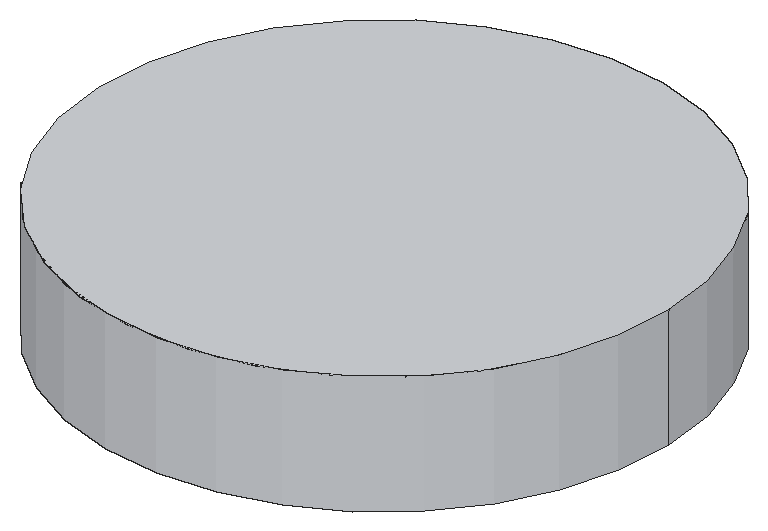
Revit family "WC Sustenta", category Aparatos sanitarios, Revit 2023
Family settings
  Cota de conector redondo = Usar diámetro
  Tipo de pieza = Normal
  Número OmniClass = 23.45.00.00
  Título OmniClass = Sanitary, Laundry, and Cleaning Equipment
  Se basa en plano de trabajo = No
  Activar corte en vistas = No
  Siempre vertical = Sí
  Corte con vacíos al cargar = No
  Mantener orientación de anotación = No
  Compartido = No
  Punto de cálculo de habitación = No
Parameters (values of type "WC Sustenta")
  Válvulas = "Válvula de admisión silenciosa.\r\nVálvulas calibradas.\r\nVálvula de descarga con sello hermético.\r\nVálvula de descarga de Ø 2\" tipo torre."
  URL = ""
  Rango de gasto = "2,5 LPD ± 10%"
  Operación = "Presione el botón un segundo para una descarga\r\necológica."
  Material = "Cerámica porcelanizada de alto brillo.\r\nCalidad \"A\"."
  Imagen de tipo = <Ninguno>
  Elevación por defecto = 0"
  Desalojo = "350 gr. mínimo."
  Cumplimiento = "NOM-002-CONAGUA-2021"
  Componentes Incluídos = "Kit de fijación al piso y cubre pijas.\r\nKit de sujeción y acoplamiento para el tanque."
  Comentarios de tipo = "Ceramic"
  Total Width = 13.46"
  Total Length = 27.6"
  Total Height = 31.93"
  Modelo = "WC Sustenta"
  Min. Working Pressure = 3.55 psi
  Maximum Consumption = "0.66 gpf"
  Max. Working Pressure = 85.34 psi
  Fabricante = "HELVEX"
  Inlet Threads = "CONEXIÓN:\r\nA la alimentación Ø1/2\" - 14 NPSM.\r\nA la descarga se acopla al Ø del drenaje de 4\" con\r\nbrida sanitaria o cuello de cera."
  High Gloss Ceramic = High Gloss Ceramic
  Descripción = "Inodoro ecológico elongado para espacios\r\nreducidos de trampa expuesta, taza y tanque.\r\nDiseño ergonómico de construcción robusta,\r\ntecnología con sistema vórtice, espejo de agua\r\nóptimo y con trampa esmaltada.\r\nInodoro libre de alabeo."
  Arrastre = "12,2 m. mínimo"
Reference planes (in)
  plane 1 "Center (Front/Back)": y = 0
  plane 2: z = 0
  plane 3 "Center (Left/Right)": x = 0
  plane 4: y = -12
Forms (in)
  Extrusion 1, solid
    sketch origin (0, -11.66092, 0) x (1, 0, 0) y (0, 1, 0)
      loop
        circle (0, 0) r 2
    from 0 to 0.85097
Dimensions and locks (in)
  locked: plane 4 to plane 1 "Center (Front/Back)" at 12  (x2)
  aligned and locked: level to plane 2
Connectors (in)
  piping at (0, -11.66092, 0), diameter 4
    settings: on Extrusion 1, index 1, connector inside diameter 609.6 mm, connector length 0", flow factor 0, pipe flow 0.0 GPM, pressure drop 0.0 psi, fitting loss kfactor 0, connector angle 0.00°, fixture units 0, engagement length 0", angle of deflection 0.00°, flow configuration 2, flow direction 2, fitting loss method 0, system type 16, joint type 0, gender type 0, connector reference index -1, connector utility 0, adjustable connector no, is connector primary yes, connector description ""
